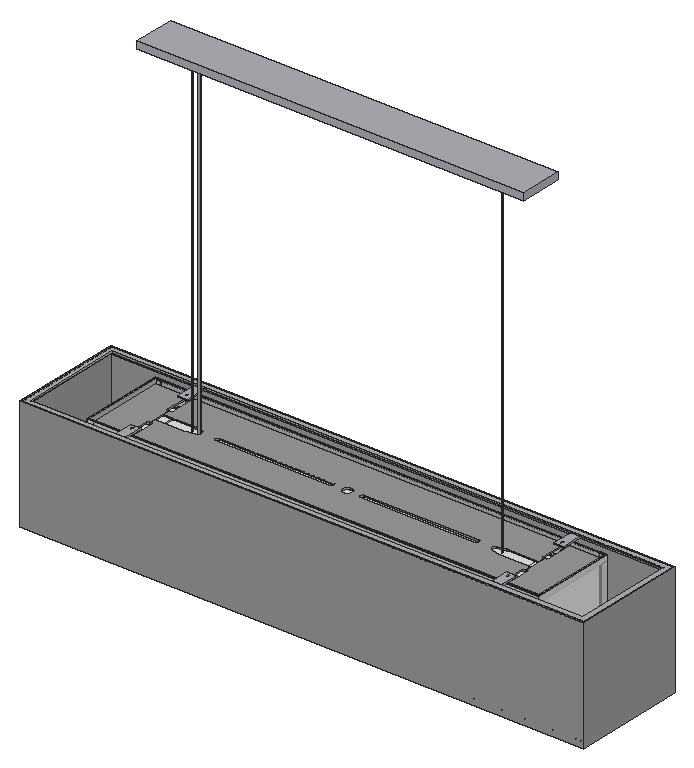
Revit family "Lighting - Lumetta - Pendant - P2095", category Lighting Fixtures, host Ceiling, Revit 2015
Parameters
  Wattage = 34.1318 W
  built-in parameter 1150110 = 1 (stored number, unit not read)
  URL = "https://lumetta.com/luminaires/shadow-streamline-60-pendant/"
  built-in parameter 1114217 = 3 (stored number, unit not read)
  Top Lens-Material [instance] = Acrylic - 2447 - White
  Top Lens [instance] = yes
  built-in parameter 1150109 = 1 (stored number, unit not read)
  built-in parameter 1150134 = (empty or 0)
  Suspension [instance] = 1
  built-in parameter 1150113 = 1 (stored number, unit not read)
  P2095 URL [instance] = "https://lumetta.com/luminaires/shadow-streamline-60-pendant/"
  Model = "P2095"  # constant formula
  Manufacturer = "Lumetta, Inc."  # constant formula
  Lumens = 5070 lm
  built-in parameter 1150115 = 1 (stored number, unit not read)
  built-in parameter 1150105 = 403.46 (stored number, unit not read)
  Light Source Symbol Size = 0' - 2"
  built-in parameter 1150137 = (empty or 0)
  built-in parameter 1150139 = (empty or 0)
  built-in parameter 1150112 = 1 (stored number, unit not read)
  built-in parameter 1150114 = 1 (stored number, unit not read)
  built-in parameter 1150132 = 2
  built-in parameter 1150102 = (empty or 0)
  built-in parameter 1150138 = (empty or 0)
  built-in parameter 1150107 = 3000 (stored number, unit not read)
  built-in parameter 1150106 = 4.0346 (stored number, unit not read)
  Frame Finish [instance] = Paint - Lumetta - F02 - PC_Chrome
  Fixture Drop [instance] = 3' - 0"
  Emit from Line Length = 2' - 10"
  built-in parameter 1150104 = 13.8 (stored number, unit not read)
  Dimming Lamp Color Temperature Shift = (empty or 0)
  Diffuser Material-Outer [instance] = Glass, Cast, Gray
  Diffuser Material-Inner [instance] = Shade - Lumetta - D61 - MT_White
  Description = "Shadow Streamline 60'' Pendant"  # constant formula
  Coupling-Stems over 60 inches [instance] = and([2 Stems], Fixture Drop > 5' 0")  # no
  Cord Color [instance] = Cord, Black
  Cone Nut-STD-2-3Wire [instance] = Suspension = 1  # yes
  Color Filter = 16777215
  Bushing-LED-4Wire [instance] = Suspension = 2  # no
  Bottom Lens-Material [instance] = Acrylic - P95 - Etched White
  Bottom Lens [instance] = no
  built-in parameter 1114218 = 1 (stored number, unit not read)
  built-in parameter 1150133 = 10 (stored number, unit not read)
  2 Stems [instance] = Suspension = 3  # no
  1CRD-2CBL-LED-4Wire [instance] = or(Suspension = 1, Suspension = 2)  # yes
  1 CRD-2CBL-STD [instance] = or(Suspension = 1, Suspension = 2)  # yes
Reference planes (in)
  plane 1 "Light Source Axis (F/B)": y = 0
  plane 2 "Ceiling": z = 99.76773
  plane 3 "Light Source Axis (L/R)": x = 0
  plane 4 "Light Source Elevation": z = 61.01773
  plane 5 "Inner Frame Top": z = 63.51773
  plane 6 "Inner Frame BTM": z = 54.51773
  plane 7 "Left-Wrap": x = -20
  plane 8 "Right-Wrap": x = 20
  plane 9 "Lamping Start": z = 63.01773
  plane 10 "Left Stem": x = -17.25
  plane 11 "Right Stem": x = 17.25
  plane 12: x = -15.75
  plane 13: x = 15.75
  plane 14 "Right XBar": x = 20
  plane 15 "Left XBar": x = -20
  plane 16 "Left Cable": x = -16.5
  plane 17 "Right Cable": x = 16.5
  plane 18 "Inner Frame Length-Left": x = -24
  plane 19 "Inner Frame Length-Right": x = 24
  plane 20 "Inner Frame Width-Left": y = 4.5
  plane 21 "Inner Frame Width-Right": y = -4.5
  plane 22 "Outer Frame Length-Left": x = -30
  plane 23 "Outer Frame Length-Right": x = 30
  plane 24 "Outer Frame Width-Left": y = 6
  plane 25 "Outer Frame Width-Right": y = -6
  plane 26 "Outer Frame Top": z = 63.76773
  plane 27 "Outer Frame BTM": z = 51.76773
Forms (in)
  Extrusion 1, solid, material "Paint - Lumetta - F02 - PC_Chrome" <- "Frame Finish"
    sketch origin (0, 0, 99.76773) x (1, 0, 0) y (0, 1, 0)
      loop
        line (-20.625, -2.25) -> (20.625, -2.25) -> (20.625, 2.25) -> (-20.625, 2.25) -> (-20.625, -2.25)
    from 0 to -0.75
  Extrusion 2, solid, material "Paint - Lumetta - F02 - PC_Chrome" <- "Frame Finish"
    sketch origin (0, 0, 63.51773) x (0, -1, 0) y (1, 0, 0)
      loop
        line (-4.5, -24) -> (4.5, -24) -> (4.5, 24) -> (-4.5, 24) -> (-4.5, -24)
      loop
        line (-4, -23.5) -> (4, -23.5) -> (4, 23.5) -> (-4, 23.5) -> (-4, -23.5)
    from 0 to -0.61824
  Extrusion 3, void
    sketch origin (0, 0, 63.51773) x (0, -1, 0) y (1, 0, 0)
      loop
        line (-4.375, -23.875) -> (4.375, -23.875) -> (4.375, 23.875) -> (-4.375, 23.875) -> (-4.375, -23.875)
      loop
        line (-4, -23.375) -> (4, -23.375) -> (4, 23.375) -> (-4, 23.375) -> (-4, -23.375)
    from 0 to -0.5
  Extrusion 4, solid, material "Paint - Lumetta - F02 - PC_Chrome" <- "Frame Finish"
    sketch origin (0, 0, 54.51773) x (-1, 0, 0) y (0, -1, 0)
      loop
        line (24, -4.5) -> (24, 4.5) -> (-24, 4.5) -> (-24, -4.5) -> (24, -4.5)
      loop
        line (23.5, -4) -> (23.5, 4) -> (-23.5, 4) -> (-23.5, -4) -> (23.5, -4)
    from 0.62296 to 0
  Extrusion 5, void
    sketch origin (0, 0, 54.51773) x (-1, 0, 0) y (0, -1, 0)
      loop
        line (23.875, -4.375) -> (23.875, 4.375) -> (-23.875, 4.375) -> (-23.875, -4.375) -> (23.875, -4.375)
      loop
        line (23.375, -4) -> (23.375, 4) -> (-23.5, 4) -> (-23.5, -4) -> (23.375, -4)
    from -0.59912 to 0.64163
  Extrusion 6, solid, material "Paint - Lumetta - F02 - PC_Chrome" <- "Frame Finish"
    sketch origin (0, 0, 36.01773) x (0, -1, 0) y (1, 0, 0)
      loop
        line (-4.5, 24) -> (-4.5, 23.375) -> (-4.375, 23.375) -> (-4.375, 23.875) -> (-3.875, 23.875) -> (-3.875, 24) -> (-4.5, 24)
      loop
        line (-4.5, -24) -> (-3.875, -24) -> (-3.875, -23.875) -> (-4.375, -23.875) -> (-4.375, -23.375) -> (-4.5, -23.375) -> (-4.5, -24)
      loop
        line (4.5, -24) -> (4.5, -23.375) -> (4.375, -23.375) -> (4.375, -23.875) -> (3.875, -23.875) -> (3.875, -24) -> (4.5, -24)
      loop
        line (4.5, 24) -> (3.875, 24) -> (3.875, 23.875) -> (4.375, 23.875) -> (4.375, 23.375) -> (4.5, 23.375) -> (4.5, 24)
    from 18.5 to 27.5
  Extrusion 7, solid, material "Paint - Lumetta - F02 - PC_Chrome" <- "Frame Finish"
    sketch origin (0, 0, 63.51773) x (0, -1, 0) y (1, 0, 0)
      loop
        line (-2.4375, -20.5) -> (-2.4375, -19.5) -> (-4.375, -19.5) -> (-4.375, -20.5) -> (-2.4375, -20.5)
      loop
        circle (-2.625, -20) r 0.10889
      loop
        line (2.4375, -20.5) -> (4.375, -20.5) -> (4.375, -19.5) -> (2.4375, -19.5) -> (2.4375, -20.5)
      loop
        circle (2.625, -20) r 0.10889
      loop
        line (-2.4375, 20.5) -> (-4.375, 20.5) -> (-4.375, 19.5) -> (-2.4375, 19.5) -> (-2.4375, 20.5)
      loop
        circle (-2.625, 20) r 0.10889
      loop
        line (2.4375, 20.5) -> (2.4375, 19.5) -> (4.375, 19.5) -> (4.375, 20.5) -> (2.4375, 20.5)
      loop
        circle (2.625, 20) r 0.10889
      loop
        circle (-3.625, -20) r 0.10938
      loop
        circle (3.625, -20) r 0.10938
      loop
        circle (-3.625, 20) r 0.10938
      loop
        circle (3.625, 20) r 0.10938
    from -0.61824 to -0.74408
  Extrusion 8, solid, material "Paint - Lumetta - F02 - PC_Chrome" <- "Frame Finish"
    sketch origin (0, 0, 99.76773) x (1, 0, 0) y (0, 1, 0)
      loop
        circle (-12, 0) r 0.31122
      loop
        circle (12, 0) r 0.31356
    from -0.8125 to -1.1875
  Extrusion 9, solid, material "Paint - Lumetta - F02 - PC_Chrome" <- "Frame Finish", visible <- "2 Stems"
    sketch origin (18, 0.5, 99.76773) x (1, 0, 0) y (0, 1, 0)
      loop
        line (-38.75, -2.875) -> (2.75, -2.875) -> (2.75, 1.875) -> (-38.75, 1.875) -> (-38.75, -2.875)
    from -0.8125 to -0.75
  Revolve 10, solid, material "Paint - Lumetta - F02 - PC_Chrome" <- "Frame Finish", visible <- "Cone Nut-STD-2-3Wire"
    sketch origin (0, 0, 0) x (1, 0, 0) y (0, 0, 1)
      loop
        line (-15.75, 98.95523) -> (-15.75, 98.45523) -> (-15.46878, 98.45523) -> (-15.37659, 98.95523) -> (-15.75, 98.95523)
      axis (-15.75, 98.45523) -> (-15.75, 98.95523)
    angle from 0 to 360
  Extrusion 11, solid, material "Paint - Lumetta - F11 - PC_White"
    sketch origin (0, 0, 24.01773) x (0, -1, 0) y (1, 0, 0)
      loop
        line (-2.875, -20.625) -> (2.875, -20.625) -> (2.875, -19.375) -> (-2.875, -19.375) -> (-2.875, -20.625)
      loop
        circle (-2.625, -20) r 0.10889
      loop
        circle (2.625, -20) r 0.10889
      loop
        line (-2.875, 20.625) -> (-2.875, 19.375) -> (2.875, 19.375) -> (2.875, 20.625) -> (-2.875, 20.625)
      loop
        circle (-2.625, 20) r 0.10889
      loop
        circle (2.625, 20) r 0.10889
    from 38.75592 to 38.63725
  Extrusion 12, solid, material "Paint - Lumetta - F11 - PC_White"
    sketch origin (0, 0, 63.01773) x (-1, 0, 0) y (0, -1, 0)
      loop
        line (21.5, -1.54) -> (21.5, 1.54) -> (-21.5, 1.54) -> (-21.5, -1.54) -> (21.5, -1.54)
    from -0.36275 to -1.375
  Extrusion 13, solid, material "Cord, Black" <- "Cord Color", visible <- "1 CRD-2CBL-STD"
    sketch origin (0, 0, 99.76773) x (1, 0, 0) y (0, 1, 0)
      loop
        circle (-15.75, 0) r 0.1566
    from -0.75 to -36.75
  Extrusion 14, solid, material "Steel, Galvanized", visible <- "1 CRD-2CBL-STD"
    sketch origin (0, 0, 96.01773) x (1, 0, 0) y (0, 1, 0)
      loop
        circle (-16.5, 0) r 0.03252
      loop
        circle (16.5, 0) r 0.03265
    from 3 to -33
  Extrusion 15, solid, material "Paint - Lumetta - F02 - PC_Chrome" <- "Frame Finish", visible <- "2 Stems"
    sketch origin (0, 0, 99.76773) x (1, 0, 0) y (0, 1, 0)
      loop
        circle (-17.25, 0) r 0.25
      loop
        circle (17.25, 0) r 0.25
    from 0 to -36.75
  Revolve 16, solid, material "Paint - Lumetta - F02 - PC_Chrome" <- "Frame Finish", visible <- "2 Stems"
    sketch origin (0, 0, 0) x (1, 0, 0) y (0, 0, 1)
      loop
        line (-17.25, 98.79898) -> (-16.95148, 98.79898)
        arc (-16.95148, 98.79898) -> (-16.71866, 99.1596) -> (-16.64788, 99.58298) r 1.06037
        line (-16.64788, 99.58298) -> (-17.25, 99.58298) -> (-17.25, 98.79898)
      axis (-17.25, 98.79898) -> (-17.25, 99.58298)
    angle from 0 to 360
  Revolve 17, solid, material "Paint - Lumetta - F02 - PC_Chrome" <- "Frame Finish", visible <- "Coupling-Stems over 60 inches"
    sketch origin (0, 0, 0) x (1, 0, 0) y (0, 0, 1)
      loop
        line (-17.25, 123.51773) -> (-16.95764, 123.51773)
        arc (-16.95764, 123.51773) -> (-16.90786, 123.5585) -> (-16.93801, 123.61534) r 0.05078
        arc (-16.93801, 123.61534) -> (-16.90686, 123.78335) -> (-16.93801, 123.95137) r 0.46875
        arc (-16.93801, 123.95137) -> (-16.90786, 124.00821) -> (-16.95764, 124.04898) r 0.05078
        line (-16.95764, 124.04898) -> (-17.25, 124.04898) -> (-17.25, 123.51773)
      axis (-17.25, 124.04898) -> (-17.25, 123.51773)
    angle from 0 to 360
  Revolve 18, solid, material "Paint - Lumetta - F02 - PC_Chrome" <- "Frame Finish", visible <- "Coupling-Stems over 60 inches"
    sketch origin (0, 0, 0) x (-1, 0, 0) y (0, 0, 1)
      loop
        line (-17.25, 123.51773) -> (-16.9562, 123.51773)
        arc (-16.9562, 123.51773) -> (-16.90642, 123.5585) -> (-16.93657, 123.61534) r 0.05078
        arc (-16.93657, 123.61534) -> (-16.90542, 123.78335) -> (-16.93657, 123.95137) r 0.46875
        arc (-16.93657, 123.95137) -> (-16.90642, 124.00821) -> (-16.9562, 124.04898) r 0.05078
        line (-16.9562, 124.04898) -> (-17.25, 124.04898) -> (-17.25, 123.51773)
      axis (-17.25, 124.04898) -> (-17.25, 123.51773)
    angle from 0 to 360
  Revolve 19, solid, material "Paint - Lumetta - F02 - PC_Chrome" <- "Frame Finish", visible <- "2 Stems"
    sketch origin (0, 0, 0) x (-1, 0, 0) y (0, 0, 1)
      loop
        line (-17.25, 98.79898) -> (-16.95148, 98.79898)
        arc (-16.95148, 98.79898) -> (-16.70187, 99.06397) -> (-16.64788, 99.42398) r 0.60938
        line (-16.64788, 99.42398) -> (-17.25, 99.42398) -> (-17.25, 98.79898)
      axis (-17.25, 98.79898) -> (-17.25, 99.42398)
    angle from 0 to 360
  Extrusion 20, solid, material "Paint - Lumetta - F02 - PC_Chrome" <- "Frame Finish", visible <- "Bushing-LED-4Wire"
    sketch origin (0, 0, 99.76773) x (1, 0, 0) y (0, 1, 0)
      loop
        circle (-15.75, 0) r 0.37341
      loop
        circle (-15.75, 0) r 0.25
    from -0.91406 to -0.8125
  Extrusion 21, solid, material "Shade - Lumetta - D61 - MT_White" <- "Diffuser Material-Inner"
    sketch origin (0, 0, 63.51773) x (0, -1, 0) y (1, 0, 0)
      loop
        line (-4.5, -24) -> (4.5, -24) -> (4.5, 24) -> (-4.5, 24) -> (-4.5, -24)
      loop
        line (4.5625, -24.0625) -> (4.5625, 24.0625) -> (-4.5625, 24.0625) -> (-4.5625, -24.0625) -> (4.5625, -24.0625)
    from -9 to 0
  Extrusion 22, solid, material "Acrylic - 2447 - White" <- "Top Lens-Material", visible <- "Top Lens"
    sketch origin (0, 0, 63.51773) x (0, -1, 0) y (1, 0, 0)
      loop
        line (-4.25, -23.75) -> (4.25, -23.75) -> (4.25, -20.29688) -> (1.46875, -20.29688)
        arc (1.46875, -20.29688) -> (1.29232, -20.22982) -> (1.20497, -20.0625) r 0.26562
        line (1.20497, -20.0625) -> (-1.20497, -20.0625)
        arc (-1.20497, -20.0625) -> (-1.29232, -20.22982) -> (-1.46875, -20.29688) r 0.26562
        line (-1.46875, -20.29688) -> (-4.25, -20.29688) -> (-4.25, -23.75)
      loop
        line (-1.20497, -19.9375) -> (-0.5625, -19.9375) -> (-0.5625, -16.7077)
        arc (-0.5625, -16.7077) -> (-0.55822, -16.64243) -> (-0.54546, -16.57829) r 0.5
        line (-0.54546, -16.57829) -> (-0.30185, -15.66912)
        arc (-0.30185, -15.66912) -> (0, -15.4375) -> (0.30185, -15.66912) r 0.3125
        line (0.30185, -15.66912) -> (0.54546, -16.57829)
        arc (0.54546, -16.57829) -> (0.55822, -16.64243) -> (0.5625, -16.7077) r 0.5
        line (0.5625, -16.7077) -> (0.5625, -19.9375) -> (1.20497, -19.9375)
        arc (1.20497, -19.9375) -> (1.29232, -19.77018) -> (1.46875, -19.70313) r 0.26562
        line (1.46875, -19.70313) -> (4.25, -19.70313) -> (4.25, 19.70312) -> (1.46875, 19.70312)
        arc (1.46875, 19.70312) -> (1.29232, 19.77018) -> (1.20497, 19.9375) r 0.26562
        line (1.20497, 19.9375) -> (0.5625, 19.9375) -> (0.5625, 16.7077)
        arc (0.5625, 16.7077) -> (0.55822, 16.64243) -> (0.54546, 16.57829) r 0.5
        line (0.54546, 16.57829) -> (0.30185, 15.66912)
        arc (0.30185, 15.66912) -> (0, 15.4375) -> (-0.30185, 15.66912) r 0.3125
        line (-0.30185, 15.66912) -> (-0.54546, 16.57829)
        arc (-0.54546, 16.57829) -> (-0.55822, 16.64243) -> (-0.5625, 16.7077) r 0.5
        line (-0.5625, 16.7077) -> (-0.5625, 19.9375) -> (-1.20497, 19.9375)
        arc (-1.20497, 19.9375) -> (-1.29232, 19.77018) -> (-1.46875, 19.70312) r 0.26562
        line (-1.46875, 19.70312) -> (-4.25, 19.70312) -> (-4.25, -19.70313) -> (-1.46875, -19.70313)
        arc (-1.46875, -19.70313) -> (-1.29232, -19.77018) -> (-1.20497, -19.9375) r 0.26562
      loop
        line (-4.25, 23.75) -> (-4.25, 20.29687) -> (-1.46875, 20.29687)
        arc (-1.46875, 20.29687) -> (-1.29232, 20.22982) -> (-1.20497, 20.0625) r 0.26562
        line (-1.20497, 20.0625) -> (1.20497, 20.0625)
        arc (1.20497, 20.0625) -> (1.29232, 20.22982) -> (1.46875, 20.29687) r 0.26562
        line (1.46875, 20.29687) -> (4.25, 20.29687) -> (4.25, 23.75) -> (-4.25, 23.75)
      loop
        circle (0, 0) r 0.5
      loop
        line (-0.26562, -1.65625) -> (-0.26563, -13.77662)
        arc (-0.26563, -13.77662) -> (0, -14.04225) -> (0.26562, -13.77662) r 0.26563
        line (0.26562, -13.77662) -> (0.26562, -1.65625)
        arc (0.26562, -1.65625) -> (0, -1.39063) -> (-0.26562, -1.65625) r 0.26562
      loop
        arc (-0.26562, 1.65625) -> (0, 1.39062) -> (0.26562, 1.65625) r 0.26562
        line (0.26562, 1.65625) -> (0.26562, 13.77662)
        arc (0.26562, 13.77662) -> (0, 14.04225) -> (-0.26563, 13.77662) r 0.26563
        line (-0.26563, 13.77662) -> (-0.26562, 1.65625)
    from -0.5 to -0.38301
  Extrusion 23, solid, material "Acrylic - P95 - Etched White" <- "Bottom Lens-Material", visible <- "Bottom Lens"
    sketch origin (0, 0, 54.51773) x (-1, 0, 0) y (0, -1, 0)
      loop
        line (23.75, -4.25) -> (23.75, 4.25) -> (-23.75, 4.25) -> (-23.75, -4.25) -> (23.75, -4.25)
    from 0.11313 to 0.22451
  Extrusion 24, solid, material "Paint - Lumetta - F02 - PC_Chrome" <- "Frame Finish"
    sketch origin (0, 0, 63.76773) x (0, -1, 0) y (1, 0, 0)
      loop
        line (-6, -30) -> (6, -30) -> (6, 30) -> (-6, 30) -> (-6, -30)
      loop
        line (5.375, -29.375) -> (5.375, 29.375) -> (-5.375, 29.375) -> (-5.375, -29.375) -> (5.375, -29.375)
    from -0.63301 to 0
  Extrusion 25, solid, material "Paint - Lumetta - F02 - PC_Chrome" <- "Frame Finish"
    sketch origin (0, 0, 51.76773) x (0, -1, 0) y (1, 0, 0)
      loop
        line (-6, -30) -> (6, -30) -> (6, 30) -> (-6, 30) -> (-6, -30)
      loop
        line (-5.375, -29.375) -> (5.375, -29.375) -> (5.375, 29.375) -> (-5.375, 29.375) -> (-5.375, -29.375)
    from 0 to 0.62744
  Extrusion 26, void
    sketch origin (0, 0, 63.76773) x (0, -1, 0) y (1, 0, 0)
      loop
        line (-5.375, -29.375) -> (5.375, -29.375) -> (5.375, 29.375) -> (-5.375, 29.375) -> (-5.375, -29.375)
      loop
        line (5.875, -29.875) -> (5.875, 29.875) -> (-5.875, 29.875) -> (-5.875, -29.875) -> (5.875, -29.875)
    from -11.88963 to -0.11045
  Extrusion 27, solid, material "Glass, Cast, Gray" <- "Diffuser Material-Outer"
    sketch origin (0, 0, 63.76773) x (0, -1, 0) y (1, 0, 0)
      loop
        line (-6, -30) -> (6, -30) -> (6, 30) -> (-6, 30) -> (-6, -30)
      loop
        line (-6.03125, -30.03125) -> (6.03125, -30.03125) -> (6.03125, 30.03125) -> (-6.03125, 30.03125) -> (-6.03125, -30.03125)
    from -12 to 0
  Extrusion 28, solid, material "Paint - Lumetta - F02 - PC_Chrome" <- "Frame Finish"
    sketch origin (0, 0, 63.51773) x (0, -1, 0) y (1, 0, 0)
      loop
        line (-5.875, -20.5) -> (-3.125, -20.5) -> (-3.125, -19.5) -> (-5.875, -19.5) -> (-5.875, -20.5)
      loop
        circle (-3.625, -20) r 0.10937
      loop
        line (5.875, -20.5) -> (5.875, -19.5) -> (3.125, -19.5) -> (3.125, -20.5) -> (5.875, -20.5)
      loop
        circle (3.625, -20) r 0.10937
      loop
        line (-5.875, 20.5) -> (-5.875, 19.5) -> (-3.125, 19.5) -> (-3.125, 20.5) -> (-5.875, 20.5)
      loop
        circle (-3.625, 20) r 0.10937
      loop
        line (5.875, 20.5) -> (3.125, 20.5) -> (3.125, 19.5) -> (5.875, 19.5) -> (5.875, 20.5)
      loop
        circle (3.625, 20) r 0.10937
    from -0.01154 to 0.10952
Cuts and joins
  Extrusion 3, Extrusion 5 cuts Extrusion 2
  Extrusion 5 cuts Extrusion 4
  Extrusion 26 cuts Extrusion 24
  Extrusion 26 cuts Extrusion 25
Dimensions and locks (in)
  equal spacing: host sketch curve, plane 3 "Light Source Axis (L/R)", host sketch curve
  equal spacing: host sketch curve, plane 1 "Light Source Axis (F/B)", host sketch curve
  host sketch curve to host sketch curve = 10' - 0"  (x2)
  locked: Extrusion 9 to Revolve 10 sketch curve at 0.5
  plane 1 "Light Source Axis (F/B)" to Extrusion 11 sketch curve = 0' - 2 7/8"
  locked: Extrusion 11 sketch curve to Extrusion 11 sketch curve at 5.75  (x2)
  locked: imposter light to Extrusion 12 sketch curve at 1.54
  locked: plane 1 "Light Source Axis (F/B)" to Extrusion 12 sketch curve at 1.54
  locked: Extrusion 9 to Revolve 16 sketch curve at 0.15625
  Revolve 17 sketch curve to level = 10' - 3.51773"
  locked: Revolve 17 sketch curve to Revolve 17 sketch curve at 0.53125
  locked: Revolve 17 sketch curve to Revolve 17 sketch curve at 0.26563
  locked: Revolve 17 sketch curve to Revolve 17 sketch curve at 0.05078  (x2)
  locked: Revolve 18 sketch curve to Revolve 18 sketch curve at 0.53125
  locked: Revolve 18 sketch curve to Revolve 18 sketch curve at 0.26563
  locked: Revolve 18 sketch curve to Revolve 18 sketch curve at 0.05078  (x2)
  locked: Extrusion 20 sketch curve to plane 3 "Light Source Axis (L/R)" at 15.75  (x2)
  locked: Revolve 18 sketch curve to plane 5 "Inner Frame Top" at 60
  locked: Revolve 17 sketch curve to plane 5 "Inner Frame Top" at 60
  locked: cut or joined group of Extrusion 2, Extrusion 3, Extrusion 5 to Extrusion 21 sketch curve at 0.0625
  equal spacing: Extrusion 14 sketch curve, plane 3 "Light Source Axis (L/R)", Extrusion 14 sketch curve
  plane 3 "Light Source Axis (L/R)" to Revolve 10 sketch curve = 1' - 3 3/4"
  equal spacing: Extrusion 8 sketch curve, plane 3 "Light Source Axis (L/R)", Extrusion 8 sketch curve
  Extrusion 8 sketch curve to Extrusion 8 sketch curve = 2' - 0"
  locked: Extrusion 13 sketch curve to plane 3 "Light Source Axis (L/R)" at 15.75
  plane 3 "Light Source Axis (L/R)" to Extrusion 15 sketch curve = 1' - 5 1/4"
  plane 3 "Light Source Axis (L/R)" to Revolve 18 sketch curve = 1' - 5 1/4"
  locked: Revolve 16 sketch curve to plane 10 "Left Stem" at 0
  locked: Revolve 16 sketch curve to Revolve 16 sketch curve at 0.45748
  locked: plane 11 "Right Stem" to Revolve 19 sketch curve at 0  (x2)
  locked: Revolve 19 sketch curve to plane 11 "Right Stem" at 0
  locked: Revolve 17 sketch curve to plane 10 "Left Stem" at 0  (x2)
  locked: Revolve 17 sketch curve to plane 10 "Left Stem" at 0.29236  (x2)
  locked: plane 10 "Left Stem" to Revolve 17 sketch curve at 0.12561
  locked: Revolve 18 sketch curve to plane 11 "Right Stem" at 0  (x2)
  locked: plane 11 "Right Stem" to Revolve 18 sketch curve at 0.2938  (x2)
  locked: Revolve 18 sketch curve to plane 11 "Right Stem" at 0.12417
  locked: plane 12 to Revolve 10 sketch curve at 0
  Revolve 10 sketch curve to plane 12 = 0' - 0"
  locked: Revolve 10 sketch curve to plane 12 at 0.37341
  locked: Revolve 10 sketch curve to plane 12 at 0.28122
  locked: plane 3 "Light Source Axis (L/R)" to plane 12 at 15.75
  equal spacing: plane 13, plane 3 "Light Source Axis (L/R)", plane 12
  locked: Extrusion 22 sketch curve to plane 3 "Light Source Axis (L/R)" at 15.75
  equal spacing: plane 15 "Left XBar", plane 3 "Light Source Axis (L/R)", plane 14 "Right XBar"
  locked: plane 15 "Left XBar" to plane 14 "Right XBar" at 40
  equal spacing: plane 16 "Left Cable", plane 3 "Light Source Axis (L/R)", plane 17 "Right Cable"
  locked: plane 16 "Left Cable" to plane 17 "Right Cable" at 33
  locked: Extrusion 14 sketch curve to plane 16 "Left Cable" at 0
  equal spacing: plane 7 "Left-Wrap", plane 3 "Light Source Axis (L/R)", plane 8 "Right-Wrap"
  plane 7 "Left-Wrap" to plane 8 "Right-Wrap" = 3' - 4"
  equal spacing: plane 10 "Left Stem", plane 3 "Light Source Axis (L/R)", plane 11 "Right Stem"
  locked: plane 10 "Left Stem" to plane 11 "Right Stem" at 34.5
  equal spacing: plane 18 "Inner Frame Length-Left", plane 3 "Light Source Axis (L/R)", plane 19 "Inner Frame Length-Right"
  locked: plane 18 "Inner Frame Length-Left" to plane 19 "Inner Frame Length-Right" at 48
  equal spacing: plane 20 "Inner Frame Width-Left", plane 1 "Light Source Axis (F/B)", plane 21 "Inner Frame Width-Right"
  locked: plane 20 "Inner Frame Width-Left" to plane 21 "Inner Frame Width-Right" at 9
  equal spacing: plane 22 "Outer Frame Length-Left", plane 3 "Light Source Axis (L/R)", plane 23 "Outer Frame Length-Right"
  equal spacing: plane 25 "Outer Frame Width-Right", plane 1 "Light Source Axis (F/B)", plane 24 "Outer Frame Width-Left"
  locked: plane 22 "Outer Frame Length-Left" to plane 23 "Outer Frame Length-Right" at 60
  locked: plane 24 "Outer Frame Width-Left" to plane 25 "Outer Frame Width-Right" at 12
  locked: Extrusion 6 sketch curve to plane 18 "Inner Frame Length-Left" at 0  (x2)
  locked: Extrusion 6 sketch curve to plane 20 "Inner Frame Width-Left" at 0  (x2)
  locked: Extrusion 6 sketch curve to plane 21 "Inner Frame Width-Right" at 0  (x2)
  locked: Extrusion 6 sketch curve to plane 19 "Inner Frame Length-Right" at 0  (x2)
  locked: Extrusion 6 sketch curve to plane 19 "Inner Frame Length-Right" at 0.625  (x2)
  locked: Extrusion 6 sketch curve to plane 20 "Inner Frame Width-Left" at 0.625
  locked: Extrusion 6 sketch curve to plane 21 "Inner Frame Width-Right" at 0.625
  locked: plane 18 "Inner Frame Length-Left" to Extrusion 6 sketch curve at 0.625  (x2)
  locked: plane 20 "Inner Frame Width-Left" to Extrusion 6 sketch curve at 0.625
  locked: plane 21 "Inner Frame Width-Right" to Extrusion 6 sketch curve at 0.625
  Extrusion 21 to plane 19 "Inner Frame Length-Right" = 0' - 0"
  locked: plane 19 "Inner Frame Length-Right" to Extrusion 2 sketch curve
  locked: Extrusion 2 sketch curve to plane 20 "Inner Frame Width-Left" at 0
  locked: Extrusion 2 sketch curve to plane 21 "Inner Frame Width-Right" at 0
  locked: plane 18 "Inner Frame Length-Left" to Extrusion 5 sketch curve at 0.125
  locked: Extrusion 5 sketch curve to Extrusion 5 sketch curve at 0.5
  locked: Extrusion 5 sketch curve to plane 19 "Inner Frame Length-Right" at 0.125
  locked: Extrusion 5 sketch curve to plane 19 "Inner Frame Length-Right" at 0.5
  locked: plane 18 "Inner Frame Length-Left" to Extrusion 2 sketch curve
  locked: Extrusion 2 sketch curve to Extrusion 2 sketch curve at 0.5
  locked: plane 18 "Inner Frame Length-Left" to Extrusion 3 sketch curve at 0.125
  locked: Extrusion 3 sketch curve to Extrusion 3 sketch curve at 0.5  (x2)
  locked: Extrusion 3 sketch curve to plane 19 "Inner Frame Length-Right" at 0.125
  locked: plane 18 "Inner Frame Length-Left" to Extrusion 4 sketch curve
  locked: Extrusion 4 sketch curve to Extrusion 4 sketch curve at 0.5  (x2)
  locked: Extrusion 4 sketch curve to plane 19 "Inner Frame Length-Right"
  locked: Extrusion 23 sketch curve to plane 19 "Inner Frame Length-Right" at 0.25
  locked: Extrusion 23 sketch curve to plane 20 "Inner Frame Width-Left" at 0.25
  locked: Extrusion 23 sketch curve to plane 21 "Inner Frame Width-Right" at 0.25
  locked: plane 18 "Inner Frame Length-Left" to Extrusion 23 sketch curve at 0.25
  locked: Extrusion 21 sketch curve to cut or joined group of Extrusion 2, Extrusion 3, Extrusion 5 at 0.0625  (x3)
  locked: plane 18 "Inner Frame Length-Left" to Extrusion 22 sketch curve at 0.25
  equal spacing: Extrusion 9 sketch curve, plane 1 "Light Source Axis (F/B)", Extrusion 9 sketch curve
  equal spacing: Extrusion 9 sketch curve, plane 3 "Light Source Axis (L/R)", Extrusion 9 sketch curve
  locked: Extrusion 9 sketch curve to Extrusion 9 sketch curve at 41.5
  locked: Extrusion 9 sketch curve to Extrusion 9 sketch curve at 4.75
  locked: Extrusion 9 to Extrusion 1 sketch curve at 0.125  (x3)
  locked: Extrusion 1 sketch curve to Extrusion 9 at 0.125
  locked: Extrusion 7 sketch curve to Extrusion 7 sketch curve at 0.1875  (x4)
  locked: Extrusion 7 sketch curve to plane 15 "Left XBar" at 0  (x2)
  equal spacing: Extrusion 7 sketch curve, plane 15 "Left XBar", Extrusion 7 sketch curve
  locked: Extrusion 7 sketch curve to plane 15 "Left XBar" at 0.5
  locked: Extrusion 7 sketch curve to plane 20 "Inner Frame Width-Left" at 0.125
  locked: Extrusion 11 sketch curve to plane 15 "Left XBar" at 0
  locked: Extrusion 15 sketch curve to plane 10 "Left Stem"
  locked: plane 11 "Right Stem" to Extrusion 15 sketch curve
  plane 1 "Light Source Axis (F/B)" to Extrusion 22 sketch curve = 0' - 1 15/32"
  locked: Extrusion 11 sketch curve to Extrusion 11 sketch curve at 1.25  (x2)
  equal spacing: Extrusion 11 sketch curve, plane 15 "Left XBar", Extrusion 11 sketch curve
  locked: Extrusion 12 sketch curve to plane 15 "Left XBar" at 1.5
  locked: plane 14 "Right XBar" to Extrusion 12 sketch curve at 1.5
  locked: Extrusion 22 sketch curve to plane 20 "Inner Frame Width-Left" at 0.25  (x2)
  Extrusion 22 sketch curve to plane 21 "Inner Frame Width-Right" = 0' - 0 1/4"
  locked: Extrusion 22 sketch curve to plane 21 "Inner Frame Width-Right" at 0.25
  locked: Extrusion 22 sketch curve to plane 1 "Light Source Axis (F/B)"
  locked: plane 18 "Inner Frame Length-Left" to Extrusion 23 at 0.25
  locked: Extrusion 23 to plane 19 "Inner Frame Length-Right" at 0.25
  locked: Extrusion 24 sketch curve to plane 22 "Outer Frame Length-Left" at 0
  locked: Extrusion 24 sketch curve to plane 24 "Outer Frame Width-Left" at 0
  locked: Extrusion 24 sketch curve to plane 25 "Outer Frame Width-Right" at 0
  locked: Extrusion 24 sketch curve to plane 23 "Outer Frame Length-Right" at 0
  locked: Extrusion 24 sketch curve to Extrusion 24 sketch curve at 0.625  (x4)
  locked: Extrusion 24 to plane 23 "Outer Frame Length-Right" at 0
  locked: Extrusion 24 to Extrusion 24 at 0.625  (x4)
  locked: Extrusion 24 to plane 22 "Outer Frame Length-Left" at 0
  locked: Extrusion 24 to plane 24 "Outer Frame Width-Left" at 0
  locked: Extrusion 24 to plane 25 "Outer Frame Width-Right" at 0
  locked: Extrusion 26 sketch curve to plane 23 "Outer Frame Length-Right" at 0.125
  locked: plane 22 "Outer Frame Length-Left" to Extrusion 26 sketch curve at 0.125
  locked: Extrusion 26 sketch curve to plane 24 "Outer Frame Width-Left" at 0.125
  locked: Extrusion 26 sketch curve to plane 25 "Outer Frame Width-Right" at 0.125
  locked: cut or joined group of Extrusion 24, Extrusion 26 to plane 23 "Outer Frame Length-Right" at 0
  locked: cut or joined group of Extrusion 24, Extrusion 26 to Extrusion 27 sketch curve at 0.03125
  locked: cut or joined group of Extrusion 24, Extrusion 26 to plane 24 "Outer Frame Width-Left" at 0  (x2)
  locked: Extrusion 27 sketch curve to cut or joined group of Extrusion 24, Extrusion 26 at 0.03125  (x3)
  locked: cut or joined group of Extrusion 24, Extrusion 26 to plane 22 "Outer Frame Length-Left" at 0
  cut or joined group of Extrusion 24, Extrusion 26 to Extrusion 27 sketch curve = 0' - 0 1/32"
  locked: cut or joined group of Extrusion 24, Extrusion 26 to plane 25 "Outer Frame Width-Right" at 0
  locked: Extrusion 28 sketch curve to plane 15 "Left XBar" at 0.5
  locked: plane 15 "Left XBar" to Extrusion 28 sketch curve at 0.5
  locked: Extrusion 28 sketch curve to plane 24 "Outer Frame Width-Left" at 0.125
  locked: Extrusion 28 sketch curve to Extrusion 28 sketch curve at 2.75  (x4)
  locked: Extrusion 7 sketch curve to Extrusion 7 sketch curve at 1.9375  (x4)
  Extrusion 7 sketch curve to Extrusion 7 sketch curve = 0' - 1"  (x2)
  locked: Extrusion 7 sketch curve to Extrusion 7 sketch curve at 1.1875
  locked: Extrusion 11 sketch curve to Extrusion 11 sketch curve at 0.25  (x4)
  Extrusion 11 sketch curve to Extrusion 11 sketch curve = 0' - 1 1/4"
  Extrusion 28 sketch curve to Extrusion 28 sketch curve = 0' - 0 1/2"
  locked: Extrusion 28 sketch curve to plane 15 "Left XBar" at 0
  locked: Extrusion 22 sketch curve to Extrusion 22 sketch curve at 2.78125  (x3)
  locked: plane 15 "Left XBar" to Extrusion 22 sketch curve at 0.03125
  locked: Extrusion 22 sketch curve to plane 15 "Left XBar" at 0.03125
  locked: Extrusion 22 sketch curve to Extrusion 22 sketch curve at 4.1875  (x2)
  locked: plane 1 "Light Source Axis (F/B)" to Extrusion 22 sketch curve at 0.5625
  locked: Extrusion 22 sketch curve to plane 3 "Light Source Axis (L/R)" at 1.65625
  locked: Extrusion 22 sketch curve to Extrusion 22 sketch curve at 12.12037  (x2)
  "Fixture Drop": plane 2 "Ceiling" to plane 26 "Outer Frame Top"
  locked: plane 26 "Outer Frame Top" to plane 5 "Inner Frame Top" at 0.25
  locked: Extrusion 27 to plane 26 "Outer Frame Top" at 0  (x2)
  plane 26 "Outer Frame Top" to cut or joined group of Extrusion 24, Extrusion 26 = 0' - 0"  (x2)
  plane 26 "Outer Frame Top" to cut or joined group of Extrusion 24, Extrusion 26 = 0' - 0.11045"  (x2)
  locked: plane 5 "Inner Frame Top" to plane 9 "Lamping Start" at 0.5
  locked: plane 26 "Outer Frame Top" to Extrusion 28 at 0.26154
  locked: plane 26 "Outer Frame Top" to cut or joined group of Extrusion 2, Extrusion 3, Extrusion 5 at 0.25
  locked: plane 26 "Outer Frame Top" to cut or joined group of Extrusion 24, Extrusion 26 at 0.63301
  locked: plane 5 "Inner Frame Top" to cut or joined group of Extrusion 2, Extrusion 3, Extrusion 5 at 0.61824
  locked: plane 5 "Inner Frame Top" to cut or joined group of Extrusion 2, Extrusion 3, Extrusion 5 at 0.5
  locked: cut or joined group of Extrusion 2, Extrusion 3, Extrusion 5 to plane 5 "Inner Frame Top" at 0
  locked: Extrusion 21 to plane 5 "Inner Frame Top"
  locked: cut or joined group of Extrusion 2, Extrusion 3, Extrusion 5 to Extrusion 7 at 0.12584
  locked: plane 9 "Lamping Start" to Extrusion 7 at 0.11824
  locked: plane 9 "Lamping Start" to Extrusion 11 at 0.36275
  locked: Extrusion 11 to Extrusion 7 at 0
  locked: plane 9 "Lamping Start" to Extrusion 12 at 0.36275
  locked: Extrusion 12 to Extrusion 12 at 1.01225
  plane 9 "Lamping Start" to plane 4 "Light Source Elevation" = 0' - 2"
  locked: cut or joined group of Extrusion 25, Extrusion 26 to plane 27 "Outer Frame BTM" at 0.11037
  locked: cut or joined group of Extrusion 25, Extrusion 26 to plane 27 "Outer Frame BTM" at 0.62744
  plane 26 "Outer Frame Top" to plane 27 "Outer Frame BTM" = 1' - 0"
  plane 5 "Inner Frame Top" to plane 6 "Inner Frame BTM" = 0' - 9"
  locked: plane 26 "Outer Frame Top" to cut or joined group of Extrusion 24, Extrusion 26 at 0.11045
  locked: Extrusion 22 sketch curve to Extrusion 22 sketch curve (angle 15.00°)  (x3)
  aligned and locked: plane 3 "Light Source Axis (L/R)" to imposter light
  aligned and locked: plane 1 "Light Source Axis (F/B)" to imposter light
  aligned and locked: plane 4 "Light Source Elevation" to imposter light
  aligned and locked: Extrusion 13 to Extrusion 1
  aligned and locked: plane 2 "Ceiling" to Extrusion 15
  aligned and locked: Extrusion 13 to plane 9 "Lamping Start"
  aligned and locked: Extrusion 14 to plane 9 "Lamping Start"
  aligned and locked: Extrusion 15 to Extrusion 13
  aligned and locked: cut or joined group of Extrusion 2, Extrusion 3, Extrusion 5 to Extrusion 5 sketch curve  (x2)
  aligned and locked: cut or joined group of Extrusion 2, Extrusion 3, Extrusion 5 to Extrusion 22
  aligned and locked: Extrusion 11 to Extrusion 12
  aligned and locked: plane 18 "Inner Frame Length-Left" to Extrusion 21 sketch curve
  aligned and locked: Extrusion 21 sketch curve to plane 20 "Inner Frame Width-Left"
  aligned and locked: Extrusion 21 sketch curve to plane 19 "Inner Frame Length-Right"
  aligned and locked: plane 21 "Inner Frame Width-Right" to Extrusion 21 sketch curve
  aligned and locked: Extrusion 27 to plane 26 "Outer Frame Top"
  aligned and locked: Extrusion 7 to cut or joined group of Extrusion 2, Extrusion 3, Extrusion 5
  aligned and locked: Extrusion 14 to Extrusion 1
  aligned and locked: Extrusion 6 to plane 5 "Inner Frame Top"
  aligned and locked: plane 27 "Outer Frame BTM" to Extrusion 25
  aligned and locked: plane 27 "Outer Frame BTM" to Extrusion 27
  aligned and locked: Extrusion 21 to plane 6 "Inner Frame BTM"
  aligned and locked: Extrusion 6 to plane 6 "Inner Frame BTM"
  aligned and locked: Extrusion 4 to plane 6 "Inner Frame BTM"
Automatic sketch dimensions
  plane 1 "Light Source Axis (F/B)" to Extrusion 13 sketch curve = 0' - 0"
  plane 1 "Light Source Axis (F/B)" to Extrusion 14 sketch curve = 0' - 0"  (x2)
  plane 1 "Light Source Axis (F/B)" to Extrusion 15 sketch curve = 0' - 0"  (x2)
  Extrusion 20 sketch curve to Extrusion 20 sketch curve = 0' - 0"
  plane 1 "Light Source Axis (F/B)" to Extrusion 20 sketch curve = 0' - 0"
  Extrusion 3 sketch curve to plane 20 "Inner Frame Width-Left" = 0' - 0 1/8"
  Extrusion 3 sketch curve to plane 20 "Inner Frame Width-Left" = 0' - 0 1/2"
  plane 21 "Inner Frame Width-Right" to Extrusion 3 sketch curve = 0' - 0 1/2"
  plane 21 "Inner Frame Width-Right" to Extrusion 3 sketch curve = 0' - 0 1/8"
  Extrusion 4 sketch curve to plane 20 "Inner Frame Width-Left" = 0' - 0"
  Extrusion 4 sketch curve to plane 21 "Inner Frame Width-Right" = 0' - 0"
  Extrusion 4 sketch curve to plane 20 "Inner Frame Width-Left" = 0' - 0 1/2"
  plane 21 "Inner Frame Width-Right" to Extrusion 4 sketch curve = 0' - 0 1/2"
  Extrusion 7 sketch curve to plane 8 "Right-Wrap" = 0' - 0"  (x4)
  Extrusion 7 sketch curve to plane 7 "Left-Wrap" = 0' - 0"  (x2)
  Extrusion 7 sketch curve to plane 20 "Inner Frame Width-Left" = 0' - 0 1/8"
  Extrusion 7 sketch curve to plane 20 "Inner Frame Width-Left" = 0' - 0 7/8"
  Extrusion 7 sketch curve to plane 8 "Right-Wrap" = 0' - 0 1/2"  (x2)
  plane 21 "Inner Frame Width-Right" to Extrusion 7 sketch curve = 0' - 2 1/16"  (x2)
  plane 7 "Left-Wrap" to Extrusion 7 sketch curve = 0' - 0 1/2"
  plane 21 "Inner Frame Width-Right" to Extrusion 7 sketch curve = 0' - 0 7/8"  (x2)
  Extrusion 7 sketch curve to plane 7 "Left-Wrap" = 0' - 0 1/2"
  plane 8 "Right-Wrap" to Extrusion 7 sketch curve = 0' - 0 1/2"  (x2)
  Extrusion 11 sketch curve to plane 8 "Right-Wrap" = 0' - 0"  (x2)
  Extrusion 11 sketch curve to plane 7 "Left-Wrap" = 0' - 0"
  Extrusion 11 sketch curve to plane 8 "Right-Wrap" = 0' - 0 5/8"
  Extrusion 11 sketch curve to plane 20 "Inner Frame Width-Left" = 0' - 1 5/8"
  Extrusion 2 sketch curve to plane 20 "Inner Frame Width-Left" = 0' - 0 1/2"
  plane 21 "Inner Frame Width-Right" to Extrusion 2 sketch curve = 0' - 0 1/2"
  Extrusion 2 sketch curve to plane 19 "Inner Frame Length-Right" = 0' - 0 1/2"
  Extrusion 5 sketch curve to plane 20 "Inner Frame Width-Left" = 0' - 0 1/8"
  plane 21 "Inner Frame Width-Right" to Extrusion 5 sketch curve = 0' - 0 1/8"
  Extrusion 6 sketch curve to plane 20 "Inner Frame Width-Left" = 0' - 0 1/8"  (x2)
  plane 21 "Inner Frame Width-Right" to Extrusion 6 sketch curve = 0' - 0 1/8"  (x2)
  plane 18 "Inner Frame Length-Left" to Extrusion 6 sketch curve = 0' - 0 1/8"  (x2)
  Extrusion 6 sketch curve to Extrusion 6 sketch curve = 0' - 0 1/8"
  Extrusion 6 sketch curve to plane 19 "Inner Frame Length-Right" = 0' - 0 1/8"
  Revolve 10 sketch curve to Revolve 10 sketch curve = 0' - 0 1/2"
  Revolve 10 sketch curve to Revolve 10 sketch curve = 0' - 0"
  plane 2 "Ceiling" to Revolve 10 sketch curve = 0' - 2 11/16"
  Revolve 16 sketch curve to plane 10 "Left Stem" = 0' - 0"
  plane 10 "Left Stem" to Revolve 16 sketch curve = 0' - 0.29852"
  Revolve 16 sketch curve to plane 16 "Left Cable" = 0' - 0.14788"
  Revolve 16 sketch curve to plane 2 "Ceiling" = 0' - 0.2252"
  Revolve 16 sketch curve to Revolve 16 sketch curve = 1' - 1 19/32"
  plane 2 "Ceiling" to Revolve 16 sketch curve = 0' - 2 15/16"
  Revolve 17 sketch curve to Revolve 17 sketch curve = 0' - 0.01964"
  plane 2 "Ceiling" to Revolve 17 sketch curve = 0' - 4 17/32"
  Revolve 17 sketch curve to Revolve 17 sketch curve = 0' - 0"
  Revolve 18 sketch curve to Revolve 18 sketch curve = 0' - 0.01964"
  Revolve 18 sketch curve to plane 2 "Ceiling" = 0' - 4 17/32"
  Revolve 18 sketch curve to Revolve 18 sketch curve = 0' - 0"
  plane 11 "Right Stem" to Revolve 19 sketch curve = 0' - 0.29852"
  Revolve 19 sketch curve to plane 17 "Right Cable" = 0' - 0.14788"
  plane 2 "Ceiling" to Revolve 19 sketch curve = 0' - 0 31/32"
  plane 2 "Ceiling" to Revolve 19 sketch curve = 0' - 0 7/16"
  Revolve 19 sketch curve to plane 2 "Ceiling" = 0' - 0.53351"
  Revolve 19 sketch curve to Revolve 19 sketch curve = 0' - 2.40399"
  plane 1 "Light Source Axis (F/B)" to Extrusion 22 sketch curve = 0' - 0"  (x4)
  Extrusion 22 sketch curve to plane 3 "Light Source Axis (L/R)" = 0' - 0"
  Extrusion 22 sketch curve to plane 13 = 0' - 0"
  Extrusion 22 sketch curve to plane 20 "Inner Frame Width-Left" = 0' - 0 1/4"
  Extrusion 22 sketch curve to Extrusion 22 sketch curve = 0' - 0"  (x7)
  plane 8 "Right-Wrap" to Extrusion 22 sketch curve = 0' - 0 1/16"
  Extrusion 22 sketch curve to Extrusion 22 sketch curve = 0' - 0.26378"  (x4)
  plane 7 "Left-Wrap" to Extrusion 22 sketch curve = 0' - 0 1/16"
  plane 17 "Right Cable" to Extrusion 22 sketch curve = 0' - 0.2077"
  Extrusion 22 sketch curve to plane 1 "Light Source Axis (F/B)" = 0' - 0 9/16"
  Extrusion 22 sketch curve to plane 16 "Left Cable" = 0' - 0.07829"  (x2)
  Extrusion 22 sketch curve to Extrusion 22 sketch curve = 0' - 0.01704"  (x3)
  plane 17 "Right Cable" to Extrusion 22 sketch curve = 0' - 0.07829"  (x2)
  plane 12 to Extrusion 22 sketch curve = 0' - 0.08088"  (x2)
  Extrusion 22 sketch curve to plane 1 "Light Source Axis (F/B)" = 0' - 0.30185"
  Extrusion 22 sketch curve to plane 13 = 0' - 0.08088"  (x2)
  Extrusion 22 sketch curve to plane 1 "Light Source Axis (F/B)" = 0' - 0 17/64"  (x2)
  Extrusion 22 sketch curve to plane 1 "Light Source Axis (F/B)" = 0' - 0 1/16"
  plane 1 "Light Source Axis (F/B)" to Extrusion 22 sketch curve = 0' - 0 1/16"  (x2)
  Extrusion 22 sketch curve to plane 7 "Left-Wrap" = 0' - 0 1/16"
  plane 1 "Light Source Axis (F/B)" to Extrusion 22 sketch curve = 0' - 0 9/16"
  Extrusion 22 sketch curve to Extrusion 22 sketch curve = 0' - 0.64247"  (x2)
  Extrusion 22 sketch curve to plane 7 "Left-Wrap" = 0' - 0 1/32"
  plane 8 "Right-Wrap" to Extrusion 22 sketch curve = 0' - 0 1/32"  (x2)
  plane 21 "Inner Frame Width-Right" to Extrusion 22 sketch curve = 0' - 0 1/4"
  plane 7 "Left-Wrap" to Extrusion 22 sketch curve = 0' - 0 19/64"
  plane 3 "Light Source Axis (L/R)" to Extrusion 22 sketch curve = 0' - 1 21/32"
  Extrusion 22 sketch curve to plane 8 "Right-Wrap" = 0' - 0 19/64"  (x2)
  Extrusion 22 sketch curve to plane 8 "Right-Wrap" = 0' - 0 1/16"
  Extrusion 22 sketch curve to plane 19 "Inner Frame Length-Right" = 0' - 0 1/4"
  Extrusion 25 sketch curve to plane 23 "Outer Frame Length-Right" = 0' - 0"
  Extrusion 25 sketch curve to plane 24 "Outer Frame Width-Left" = 0' - 0"
  plane 25 "Outer Frame Width-Right" to Extrusion 25 sketch curve = 0' - 0"
  Extrusion 25 sketch curve to plane 22 "Outer Frame Length-Left" = 0' - 0"
  Extrusion 25 sketch curve to plane 24 "Outer Frame Width-Left" = 0' - 0 5/8"
  Extrusion 25 sketch curve to plane 25 "Outer Frame Width-Right" = 0' - 0 5/8"
  plane 22 "Outer Frame Length-Left" to Extrusion 25 sketch curve = 0' - 0 5/8"
  plane 23 "Outer Frame Length-Right" to Extrusion 25 sketch curve = 0' - 0 5/8"
  Extrusion 26 sketch curve to plane 24 "Outer Frame Width-Left" = 0' - 0 5/8"
  Extrusion 26 sketch curve to plane 25 "Outer Frame Width-Right" = 0' - 0 5/8"
  plane 22 "Outer Frame Length-Left" to Extrusion 26 sketch curve = 0' - 0 5/8"
  plane 23 "Outer Frame Length-Right" to Extrusion 26 sketch curve = 0' - 0 5/8"
  Extrusion 27 sketch curve to plane 22 "Outer Frame Length-Left" = 0' - 0"
  Extrusion 27 sketch curve to plane 24 "Outer Frame Width-Left" = 0' - 0"
  plane 25 "Outer Frame Width-Right" to Extrusion 27 sketch curve = 0' - 0"
  Extrusion 27 sketch curve to plane 23 "Outer Frame Length-Right" = 0' - 0"
  Extrusion 28 sketch curve to plane 8 "Right-Wrap" = 0' - 0"  (x2)
  Extrusion 28 sketch curve to plane 7 "Left-Wrap" = 0' - 0"
  Extrusion 28 sketch curve to plane 24 "Outer Frame Width-Left" = 0' - 0 1/8"
  Extrusion 28 sketch curve to Extrusion 28 sketch curve = 0' - 0 1/2"  (x3)
  Extrusion 28 sketch curve to plane 7 "Left-Wrap" = 0' - 0 1/2"
  plane 21 "Inner Frame Width-Right" to Extrusion 28 sketch curve = 0' - 1 3/8"  (x2)
  Extrusion 28 sketch curve to plane 8 "Right-Wrap" = 0' - 0 1/2"  (x2)
  plane 7 "Left-Wrap" to Extrusion 28 sketch curve = 0' - 0 1/2"
  plane 8 "Right-Wrap" to Extrusion 28 sketch curve = 0' - 0 1/2"  (x2)
  plane 1 "Light Source Axis (F/B)" to Extrusion 8 sketch curve = 0' - 0"  (x2)
  radius of Extrusion 13 sketch curve = 0' - 0.1566"
  radius of Extrusion 14 sketch curve = 0' - 0.03252"
  radius of Extrusion 14 sketch curve = 0' - 0.03265"
  radius of Extrusion 15 sketch curve = 0' - 0 1/4"  (x2)
  radius of Extrusion 20 sketch curve = 0' - 0.37341"
  radius of Extrusion 20 sketch curve = 0' - 0 1/4"
  radius of Extrusion 7 sketch curve = 0' - 0.10889"  (x4)
  radius of Extrusion 7 sketch curve = 0' - 0 7/64"  (x4)
  radius of Extrusion 11 sketch curve = 0' - 0.10889"  (x4)
  radius of Extrusion 22 sketch curve = 0' - 0 1/2"
  radius of Extrusion 28 sketch curve = 0' - 0 7/64"  (x4)
  radius of Extrusion 8 sketch curve = 0' - 0.31122"
  radius of Extrusion 8 sketch curve = 0' - 0.31356"
